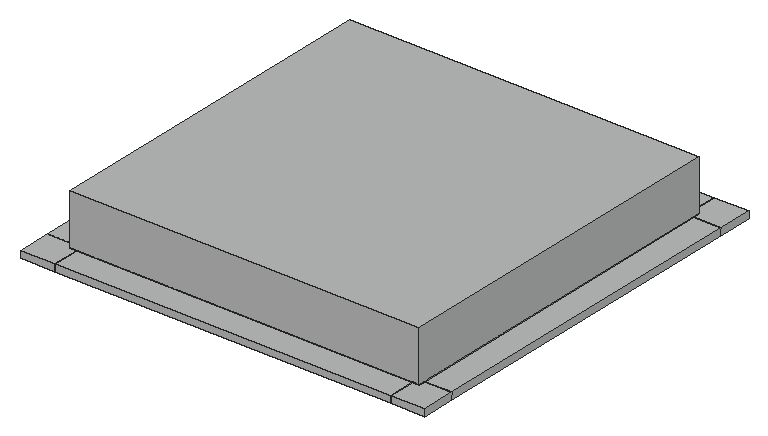
Revit family "ALUMOGIPS", category Осветительные приборы, Revit 2019 (continued)
Types (72, lengths in mm): name | Файл фотометрической сетки | built-in parameter 1150105 | Lumens | built-in parameter 1150106 | built-in parameter 1150142 | Wattage | Emit from Rectangle Width | Emit from Rectangle Length | Длина | Материал светильника | Ширина | ADSK_Ток | ADSK_Полная мощность | ADSK_Обозначение | ADSK_Номинальная мощность | ADSK_Наименование | ADSK_Масса | ADSK_Код изделия
  Alumogips-38/opal-sand 595х595 (IP40, 4000К, серый) | "Светильник ALUMOGIPS-38 OPAL-SAND-(595x595).IES" | 302.39 (stored number, unit not read) | 3800 lm | 3.0239 (stored number, unit not read) | "IESNA:LM-63-95\r\n[TEST] Протокол № 50-12 \r\n[DATA] 20.06.2016\r\n[MORE] \r\n[MANUFAC] ЗАО \"Центрстройсвет\"\r\n[LUMCAT]  Светильник ALUMOGIPS-38/OPAL-SAND-(595x595)\r\n[LUMINAIRE]\r\n[LAMPCAT] Светодиоды\r\n[LAMP] Поток источника света (светодиодов) не известен\r\n[MORE] КСС приведена в абсолютных величинах кд\r\n[MORE] Вместо потока лампы, указан поток светильника.\r\nTILT=NONE\r\n1    3750 1.0 37 73 1 2 0.595 0.595 0.04\r\n1.0 1.0 38.7\r\n0.0 5.0 10.0 15.0 20.0 25.0 30.0 35.0 40.0 45.0 50.0 55.0 60.0 65.0 70.0 75.0 80.0 85.0 90.0 95.0 100.0 105.0 110.0 115.0 120.0 125.0 130.0 135.0 140.0 145.0 150.0 155.0 160.0 165.0 170.0 175.0 180.0\r\n0.0 5.0 10.0 15.0 20.0 25.0 30.0 35.0 40.0 45.0 50.0 55.0 60.0 65.0 70.0 75.0 80.0 85.0 90.0 95.0 100.0 105.0 110.0 115.0 120.0 125.0 130.0 135.0 140.0 145.0 150.0 155.0 160.0 165.0 170.0 175.0 180.0 185.0 190.0 195.0 200.0 205.0 210.0 215.0 220.0 225.0 230.0 235.0 240.0 245.0 250.0 255.0 260.0 265.0 270.0 275.0 280.0 285.0 290.0 295.0 300.0 305.0 310.0 315.0 320.0 325.0 330.0 335.0 340.0 345.0 350.0 355.0 360.0\r\n1391.4 1390.6 1365.7 1330.6 1277.5 1214.9 1147.5 1059.6 967.6 873.2 772.4 664.9 556.3 449.1 342.7 240.6 147.1 64.2 4.7 0.0 0.0 0.0 0.0 0.0 0.0 0.0 0.0 0.0 0.0 0.0 0.0 0.0 0.0 0.0 0.0 0.0 0.0\r\n1391.4 1390.5 1367.8 1332.7 1284.3 1221.3 1147.0 1062.1 969.2 872.4 773.2 666.3 557.1 450.1 343.8 241.9 146.9 64.7 5.2 0.0 0.0 0.0 0.0 0.0 0.0 0.0 0.0 0.0 0.0 0.0 0.0 0.0 0.0 0.0 0.0 0.0 0.0\r\n1391.4 1390.2 1372.0 1333.3 1277.3 1216.8 1144.5 1057.4 969.6 875.1 773.8 669.5 560.0 454.6 345.8 242.4 148.5 65.8 5.4 0.0 0.0 0.0 0.0 0.0 0.0 0.0 0.0 0.0 0.0 0.0 0.0 0.0 0.0 0.0 0.0 0.0 0.0\r\n1391.4 1389.8 1371.2 1330.7 1279.5 1220.5 1148.3 1059.9 967.7 873.2 767.5 666.8 561.4 453.0 347.1 243.7 149.9 65.6 5.8 0.0 0.0 0.0 0.0 0.0 0.0 0.0 0.0 0.0 0.0 0.0 0.0 0.0 0.0 0.0 0.0 0.0 0.0\r\n1391.4 1389.8 1368.3 1329.3 1285.0 1214.6 1141.1 1058.7 971.8 871.3 775.2 666.9 559.4 452.6 345.8 242.5 150.0 65.8 6.1 0.0 0.0 0.0 0.0 0.0 0.0 0.0 0.0 0.0 0.0 0.0 0.0 0.0 0.0 0.0 0.0 0.0 0.0\r\n1391.4 1390.5 1367.3 1332.3 1281.7 1219.0 1142.8 1064.6 970.5 874.4 772.1 667.5 560.2 453.0 346.2 241.8 149.4 65.7 5.6 0.0 0.0 0.0 0.0 0.0 0.0 0.0 0.0 0.0 0.0 0.0 0.0 0.0 0.0 0.0 0.0 0.0 0.0\r\n1391.4 1391.4 1368.1 1333.5 1277.3 1215.7 1139.0 1059.6 968.1 872.4 771.6 667.4 558.8 453.3 344.3 243.9 148.4 65.7 5.4 0.0 0.0 0.0 0.0 0.0 0.0 0.0 0.0 0.0 0.0 0.0 0.0 0.0 0.0 0.0 0.0 0.0 0.0\r\n1391.4 1391.7 1368.1 1330.4 1278.2 1213.9 1142.4 1061.6 967.4 875.1 772.0 669.3 561.1 452.5 345.2 242.1 148.3 65.4 5.5 0.0 0.0 0.0 0.0 0.0 0.0 0.0 0.0 0.0 0.0 0.0 0.0 0.0 0.0 0.0 0.0 0.0 0.0\r\n1391.4 1391.5 1371.0 1328.4 1278.5 1216.7 1142.1 1061.2 971.8 874.7 772.1 668.9 560.8 452.9 345.4 243.3 147.7 66.0 5.4 0.0 0.0 0.0 0.0 0.0 0.0 0.0 0.0 0.0 0.0 0.0 0.0 0.0 0.0 0.0 0.0 0.0 0.0\r\n1391.4 1391.5 1373.2 1330.5 1277.3 1215.5 1143.2 1063.6 967.0 872.7 772.2 669.4 558.9 453.2 346.6 241.9 148.1 65.2 5.5 0.0 0.0 0.0 0.0 0.0 0.0 0.0 0.0 0.0 0.0 0.0 0.0 0.0 0.0 0.0 0.0 0.0 0.0\r\n1391.4 1391.4 1369.7 1328.3 1281.3 1216.0 1139.8 1057.9 968.7 875.3 773.9 667.6 561.8 454.0 344.0 243.1 147.2 65.6 5.5 0.0 0.0 0.0 0.0 0.0 0.0 0.0 0.0 0.0 0.0 0.0 0.0 0.0 0.0 0.0 0.0 0.0 0.0\r\n1391.4 1390.5 1367.9 1330.1 1278.1 1218.1 1138.9 1061.0 970.0 871.8 770.4 669.3 560.2 453.4 346.9 242.1 148.3 65.2 5.2 0.0 0.0 0.0 0.0 0.0 0.0 0.0 0.0 0.0 0.0 0.0 0.0 0.0 0.0 0.0 0.0 0.0 0.0\r\n1391.4 1389.3 1368.2 1329.1 1280.8 1214.4 1142.5 1059.2 967.2 874.3 772.4 668.0 563.1 452.3 345.7 242.8 146.8 64.9 5.1 0.0 0.0 0.0 0.0 0.0 0.0 0.0 0.0 0.0 0.0 0.0 0.0 0.0 0.0 0.0 0.0 0.0 0.0\r\n1391.4 1388.6 1367.4 1327.8 1278.0 1215.7 1141.0 1061.0 971.5 877.3 771.2 667.3 561.5 453.0 346.4 242.4 146.3 64.8 5.2 0.0 0.0 0.0 0.0 0.0 0.0 0.0 0.0 0.0 0.0 0.0 0.0 0.0 0.0 0.0 0.0 0.0 0.0\r\n1391.4 1388.0 1367.6 1326.7 1278.3 1218.0 1140.9 1061.5 968.4 873.4 770.1 666.6 562.1 454.6 344.8 241.8 146.4 64.0 5.5 0.0 0.0 0.0 0.0 0.0 0.0 0.0 0.0 0.0 0.0 0.0 0.0 0.0 0.0 0.0 0.0 0.0 0.0\r\n1391.4 1387.2 1366.1 1331.0 1281.4 1216.3 1142.7 1059.1 969.4 871.5 772.2 667.3 560.5 453.0 344.4 242.2 146.4 63.8 5.6 0.0 0.0 0.0 0.0 0.0 0.0 0.0 0.0 0.0 0.0 0.0 0.0 0.0 0.0 0.0 0.0 0.0 0.0\r\n1391.4 1387.1 1366.3 1328.7 1276.9 1214.5 1141.2 1059.3 968.4 874.3 775.5 668.3 562.5 454.9 346.4 241.3 146.2 63.5 5.7 0.0 0.0 0.0 0.0 0.0 0.0 0.0 0.0 0.0 0.0 0.0 0.0 0.0 0.0 0.0 0.0 0.0 0.0\r\n1391.4 1388.4 1366.0 1329.7 1279.2 1217.9 1140.0 1060.5 969.0 873.9 772.0 671.3 560.4 453.2 343.7 241.7 145.8 63.7 5.4 0.0 0.0 0.0 0.0 0.0 0.0 0.0 0.0 0.0 0.0 0.0 0.0 0.0 0.0 0.0 0.0 0.0 0.0\r\n1391.4 1389.6 1367.7 1329.3 1277.2 1211.1 1140.1 1061.0 971.0 871.2 769.2 669.1 561.5 453.1 343.3 241.9 145.8 63.4 5.2 0.0 0.0 0.0 0.0 0.0 0.0 0.0 0.0 0.0 0.0 0.0 0.0 0.0 0.0 0.0 0.0 0.0 0.0\r\n1391.4 1388.8 1366.9 1327.1 1279.4 1214.2 1142.5 1056.4 970.7 870.3 771.0 665.1 560.4 453.3 343.8 241.1 145.7 63.4 5.2 0.0 0.0 0.0 0.0 0.0 0.0 0.0 0.0 0.0 0.0 0.0 0.0 0.0 0.0 0.0 0.0 0.0 0.0\r\n1391.4 1387.2 1365.8 1328.9 1276.6 1210.2 1141.4 1059.3 966.6 871.4 770.5 667.4 559.2 451.4 344.2 241.0 145.6 63.2 5.1 0.0 0.0 0.0 0.0 0.0 0.0 0.0 0.0 0.0 0.0 0.0 0.0 0.0 0.0 0.0 0.0 0.0 0.0\r\n1391.4 1386.8 1364.4 1329.8 1279.4 1213.7 1144.0 1059.0 965.3 873.7 768.8 668.9 559.4 449.5 342.6 241.5 144.6 63.4 5.0 0.0 0.0 0.0 0.0 0.0 0.0 0.0 0.0 0.0 0.0 0.0 0.0 0.0 0.0 0.0 0.0 0.0 0.0\r\n1391.4 1388.1 1365.8 1328.1 1273.8 1213.4 1137.9 1059.2 967.3 869.2 769.3 667.7 558.4 451.4 344.0 240.6 145.7 63.4 4.9 0.0 0.0 0.0 0.0 0.0 0.0 0.0 0.0 0.0 0.0 0.0 0.0 0.0 0.0 0.0 0.0 0.0 0.0\r\n1391.4 1389.2 1364.4 1323.2 1276.3 1213.8 1137.6 1055.3 963.1 871.0 767.7 664.1 559.7 447.1 342.4 240.1 145.2 63.9 5.1 0.0 0.0 0.0 0.0 0.0 0.0 0.0 0.0 0.0 0.0 0.0 0.0 0.0 0.0 0.0 0.0 0.0 0.0\r\n1391.4 1388.4 1362.3 1326.8 1274.4 1212.2 1137.9 1054.7 966.7 867.9 768.7 663.4 557.3 449.2 343.3 240.0 145.7 63.6 5.0 0.0 0.0 0.0 0.0 0.0 0.0 0.0 0.0 0.0 0.0 0.0 0.0 0.0 0.0 0.0 0.0 0.0 0.0\r\n1391.4 1386.2 1361.8 1326.5 1273.3 1211.2 1134.5 1048.6 964.3 866.3 767.8 662.9 556.7 449.5 341.9 239.8 145.7 63.7 5.0 0.0 0.0 0.0 0.0 0.0 0.0 0.0 0.0 0.0 0.0 0.0 0.0 0.0 0.0 0.0 0.0 0.0 0.0\r\n1391.4 1384.4 1363.5 1324.4 1272.0 1209.5 1137.2 1053.0 960.2 867.5 767.9 662.7 556.7 449.2 342.5 239.1 146.2 63.8 4.8 0.0 0.0 0.0 0.0 0.0 0.0 0.0 0.0 0.0 0.0 0.0 0.0 0.0 0.0 0.0 0.0 0.0 0.0\r\n1391.4 1383.7 1362.4 1324.4 1274.0 1209.5 1134.4 1050.1 965.4 864.9 764.6 662.3 556.6 447.9 340.5 240.3 145.5 64.6 4.6 0.0 0.0 0.0 0.0 0.0 0.0 0.0 0.0 0.0 0.0 0.0 0.0 0.0 0.0 0.0 0.0 0.0 0.0\r\n1391.4 1384.4 1361.9 1326.9 1270.2 1207.3 1132.7 1050.1 959.7 867.7 763.1 662.2 555.0 447.3 343.0 238.3 145.8 63.9 4.7 0.0 0.0 0.0 0.0 0.0 0.0 0.0 0.0 0.0 0.0 0.0 0.0 0.0 0.0 0.0 0.0 0.0 0.0\r\n1391.4 1385.1 1363.0 1320.0 1270.4 1207.9 1134.4 1055.0 963.5 867.3 766.7 660.7 555.9 450.1 342.6 240.2 145.9 64.3 4.9 0.0 0.0 0.0 0.0 0.0 0.0 0.0 0.0 0.0 0.0 0.0 0.0 0.0 0.0 0.0 0.0 0.0 0.0\r\n1391.4 1384.9 1362.3 1321.4 1273.1 1208.0 1135.4 1052.3 961.9 865.0 764.0 660.8 553.5 447.6 341.2 240.3 146.1 63.8 4.8 0.0 0.0 0.0 0.0 0.0 0.0 0.0 0.0 0.0 0.0 0.0 0.0 0.0 0.0 0.0 0.0 0.0 0.0\r\n1391.4 1383.8 1361.2 1322.1 1265.1 1211.5 1132.8 1049.3 961.3 863.4 764.0 661.0 550.7 447.9 341.0 240.1 146.2 63.8 4.6 0.0 0.0 0.0 0.0 0.0 0.0 0.0 0.0 0.0 0.0 0.0 0.0 0.0 0.0 0.0 0.0 0.0 0.0\r\n1391.4 1382.8 1359.3 1321.5 1269.3 1206.8 1132.8 1051.1 958.3 863.2 763.1 662.7 553.4 448.0 340.4 240.0 145.8 63.8 4.0 0.0 0.0 0.0 0.0 0.0 0.0 0.0 0.0 0.0 0.0 0.0 0.0 0.0 0.0 0.0 0.0 0.0 0.0\r\n1391.4 1382.6 1359.0 1319.6 1268.1 1204.3 1129.8 1049.0 957.7 861.8 761.7 658.4 554.2 446.1 340.4 239.0 145.6 63.8 3.8 0.0 0.0 0.0 0.0 0.0 0.0 0.0 0.0 0.0 0.0 0.0 0.0 0.0 0.0 0.0 0.0 0.0 0.0\r\n1391.4 1382.8 1358.5 1315.8 1266.5 1202.1 1128.5 1049.2 957.6 860.0 762.1 658.2 549.9 443.8 339.6 238.4 145.7 63.6 3.7 0.0 0.0 0.0 0.0 0.0 0.0 0.0 0.0 0.0 0.0 0.0 0.0 0.0 0.0 0.0 0.0 0.0 0.0\r\n1391.4 1382.2 1360.5 1319.2 1265.9 1204.5 1129.9 1046.9 955.0 862.9 758.9 657.9 552.5 444.9 338.9 238.8 145.3 63.6 3.3 0.0 0.0 0.0 0.0 0.0 0.0 0.0 0.0 0.0 0.0 0.0 0.0 0.0 0.0 0.0 0.0 0.0 0.0\r\n1391.4 1381.1 1361.2 1321.0 1268.1 1203.8 1128.8 1047.4 955.6 863.7 761.1 656.4 551.5 445.2 339.2 238.5 144.7 62.5 3.5 0.0 0.0 0.0 0.0 0.0 0.0 0.0 0.0 0.0 0.0 0.0 0.0 0.0 0.0 0.0 0.0 0.0 0.0\r\n1391.4 1380.6 1359.0 1316.4 1268.5 1204.0 1126.1 1049.5 956.2 859.6 759.7 656.5 549.2 444.3 338.4 236.1 143.8 61.6 3.2 0.0 0.0 0.0 0.0 0.0 0.0 0.0 0.0 0.0 0.0 0.0 0.0 0.0 0.0 0.0 0.0 0.0 0.0\r\n1391.4 1380.7 1356.6 1316.0 1267.0 1205.6 1130.3 1044.8 956.9 856.7 759.3 653.5 548.1 441.9 335.3 235.4 141.4 60.3 2.9 0.0 0.0 0.0 0.0 0.0 0.0 0.0 0.0 0.0 0.0 0.0 0.0 0.0 0.0 0.0 0.0 0.0 0.0\r\n1391.4 1380.4 1354.4 1317.9 1268.8 1199.0 1129.0 1044.0 956.9 860.6 758.3 656.9 549.1 442.0 334.4 236.1 141.7 60.5 2.6 0.0 0.0 0.0 0.0 0.0 0.0 0.0 0.0 0.0 0.0 0.0 0.0 0.0 0.0 0.0 0.0 0.0 0.0\r\n1391.4 1380.1 1356.7 1322.1 1264.6 1201.7 1129.9 1047.4 957.2 859.7 758.2 656.1 549.4 442.8 335.3 235.8 141.3 60.6 2.3 0.0 0.0 0.0 0.0 0.0 0.0 0.0 0.0 0.0 0.0 0.0 0.0 0.0 0.0 0.0 0.0 0.0 0.0\r\n1391.4 1379.9 1357.3 1317.5 1265.9 1207.8 1129.2 1046.5 955.7 860.2 758.6 656.9 550.7 441.9 335.4 233.9 140.6 60.2 2.4 0.0 0.0 0.0 0.0 0.0 0.0 0.0 0.0 0.0 0.0 0.0 0.0 0.0 0.0 0.0 0.0 0.0 0.0\r\n1391.4 1379.2 1355.5 1314.6 1269.3 1203.7 1133.5 1044.8 957.2 857.9 762.0 656.6 548.7 440.4 335.9 234.5 140.4 59.8 2.8 0.0 0.0 0.0 0.0 0.0 0.0 0.0 0.0 0.0 0.0 0.0 0.0 0.0 0.0 0.0 0.0 0.0 0.0\r\n1391.4 1377.9 1357.1 1319.2 1271.9 1204.4 1128.6 1050.2 953.1 856.9 757.6 653.7 548.9 439.9 335.4 232.4 140.5 59.2 3.0 0.0 0.0 0.0 0.0 0.0 0.0 0.0 0.0 0.0 0.0 0.0 0.0 0.0 0.0 0.0 0.0 0.0 0.0\r\n1391.4 1377.2 1356.3 1322.9 1266.0 1204.8 1132.2 1049.0 958.1 859.3 759.0 654.6 547.0 441.6 334.9 232.1 139.3 58.8 2.9 0.0 0.0 0.0 0.0 0.0 0.0 0.0 0.0 0.0 0.0 0.0 0.0 0.0 0.0 0.0 0.0 0.0 0.0\r\n1391.4 1377.8 1353.8 1319.7 1269.6 1207.9 1135.8 1049.5 955.8 858.0 762.4 655.9 548.2 441.6 335.6 231.7 139.4 58.8 2.8 0.0 0.0 0.0 0.0 0.0 0.0 0.0 0.0 0.0 0.0 0.0 0.0 0.0 0.0 0.0 0.0 0.0 0.0\r\n1391.4 1378.5 1355.2 1319.8 1267.3 1206.5 1131.2 1046.1 954.6 861.2 756.6 653.8 548.1 440.3 335.0 232.6 138.6 59.0 2.9 0.0 0.0 0.0 0.0 0.0 0.0 0.0 0.0 0.0 0.0 0.0 0.0 0.0 0.0 0.0 0.0 0.0 0.0\r\n1391.4 1378.6 1355.1 1318.3 1269.7 1200.8 1133.1 1049.0 957.6 862.5 762.4 656.9 549.3 443.5 334.7 231.2 138.8 58.1 3.0 0.0 0.0 0.0 0.0 0.0 0.0 0.0 0.0 0.0 0.0 0.0 0.0 0.0 0.0 0.0 0.0 0.0 0.0\r\n1391.4 1378.8 1355.8 1321.7 1268.8 1210.0 1129.0 1048.5 958.8 862.4 762.2 656.4 549.0 441.1 335.4 231.5 138.5 58.1 3.0 0.0 0.0 0.0 0.0 0.0 0.0 0.0 0.0 0.0 0.0 0.0 0.0 0.0 0.0 0.0 0.0 0.0 0.0\r\n1391.4 1379.6 1357.6 1321.7 1269.0 1207.1 1133.9 1047.0 964.1 863.3 761.9 656.4 551.5 440.7 334.9 232.2 137.6 58.1 2.8 0.0 0.0 0.0 0.0 0.0 0.0 0.0 0.0 0.0 0.0 0.0 0.0 0.0 0.0 0.0 0.0 0.0 0.0\r\n1391.4 1380.6 1357.7 1319.2 1272.0 1207.5 1131.3 1054.6 959.0 863.3 764.8 655.9 549.1 443.0 335.1 231.3 138.0 58.1 2.7 0.0 0.0 0.0 0.0 0.0 0.0 0.0 0.0 0.0 0.0 0.0 0.0 0.0 0.0 0.0 0.0 0.0 0.0\r\n1391.4 1381.5 1358.5 1321.9 1271.0 1204.1 1135.9 1055.8 962.5 865.5 761.1 656.9 550.6 442.0 335.3 231.9 137.4 57.9 2.6 0.0 0.0 0.0 0.0 0.0 0.0 0.0 0.0 0.0 0.0 0.0 0.0 0.0 0.0 0.0 0.0 0.0 0.0\r\n1391.4 1381.3 1358.5 1322.3 1270.8 1207.2 1133.7 1051.9 958.0 867.3 767.5 657.0 552.1 442.3 333.6 231.2 137.9 57.8 2.6 0.0 0.0 0.0 0.0 0.0 0.0 0.0 0.0 0.0 0.0 0.0 0.0 0.0 0.0 0.0 0.0 0.0 0.0\r\n1391.4 1380.6 1359.4 1319.7 1270.6 1209.0 1133.0 1052.1 963.9 867.5 764.1 660.0 554.0 443.3 334.8 231.7 137.6 57.8 2.7 0.0 0.0 0.0 0.0 0.0 0.0 0.0 0.0 0.0 0.0 0.0 0.0 0.0 0.0 0.0 0.0 0.0 0.0\r\n1391.4 1381.3 1359.9 1321.3 1270.6 1204.8 1135.0 1051.3 962.1 865.5 761.7 660.3 553.1 443.5 334.1 231.9 137.9 57.8 2.8 0.0 0.0 0.0 0.0 0.0 0.0 0.0 0.0 0.0 0.0 0.0 0.0 0.0 0.0 0.0 0.0 0.0 0.0\r\n1391.4 1383.1 1362.1 1324.8 1273.8 1208.7 1134.8 1055.9 961.8 866.4 762.3 659.7 552.4 443.7 334.4 232.8 138.0 58.0 2.8 0.0 0.0 0.0 0.0 0.0 0.0 0.0 0.0 0.0 0.0 0.0 0.0 0.0 0.0 0.0 0.0 0.0 0.0\r\n1391.4 1384.6 1360.4 1321.7 1272.0 1210.6 1130.9 1052.5 963.1 866.7 767.4 659.3 553.7 444.6 335.4 233.1 138.3 58.0 2.8 0.0 0.0 0.0 0.0 0.0 0.0 0.0 0.0 0.0 0.0 0.0 0.0 0.0 0.0 0.0 0.0 0.0 0.0\r\n1391.4 1385.6 1357.5 1324.7 1273.9 1211.6 1134.3 1052.7 963.6 865.4 763.1 658.7 552.2 444.9 336.9 232.8 138.8 58.6 2.9 0.0 0.0 0.0 0.0 0.0 0.0 0.0 0.0 0.0 0.0 0.0 0.0 0.0 0.0 0.0 0.0 0.0 0.0\r\n1391.4 1386.4 1357.8 1323.4 1273.2 1212.2 1136.3 1054.7 967.5 867.5 764.0 659.4 553.3 443.7 336.8 233.2 138.9 58.5 3.1 0.0 0.0 0.0 0.0 0.0 0.0 0.0 0.0 0.0 0.0 0.0 0.0 0.0 0.0 0.0 0.0 0.0 0.0\r\n1391.4 1386.6 1362.0 1324.9 1273.2 1211.3 1139.0 1049.9 960.3 866.4 768.0 661.3 552.2 443.4 336.3 233.4 139.8 58.9 3.1 0.0 0.0 0.0 0.0 0.0 0.0 0.0 0.0 0.0 0.0 0.0 0.0 0.0 0.0 0.0 0.0 0.0 0.0\r\n1391.4 1386.0 1360.5 1326.0 1271.8 1212.0 1137.2 1059.3 963.5 867.6 766.9 661.2 552.3 445.8 337.8 233.6 141.0 59.2 3.3 0.0 0.0 0.0 0.0 0.0 0.0 0.0 0.0 0.0 0.0 0.0 0.0 0.0 0.0 0.0 0.0 0.0 0.0\r\n1391.4 1385.0 1362.3 1325.1 1272.0 1207.1 1138.5 1053.6 964.5 865.8 766.5 661.6 554.3 445.9 337.0 234.5 140.4 60.2 3.5 0.0 0.0 0.0 0.0 0.0 0.0 0.0 0.0 0.0 0.0 0.0 0.0 0.0 0.0 0.0 0.0 0.0 0.0\r\n1391.4 1384.4 1361.8 1323.6 1274.0 1214.8 1138.9 1053.9 968.0 867.9 769.0 663.8 555.6 446.7 339.6 235.0 141.3 60.4 3.4 0.0 0.0 0.0 0.0 0.0 0.0 0.0 0.0 0.0 0.0 0.0 0.0 0.0 0.0 0.0 0.0 0.0 0.0\r\n1391.4 1385.0 1360.9 1322.2 1272.4 1209.8 1137.2 1055.7 962.7 869.7 769.6 658.2 556.6 447.4 338.5 236.2 142.5 60.7 3.4 0.0 0.0 0.0 0.0 0.0 0.0 0.0 0.0 0.0 0.0 0.0 0.0 0.0 0.0 0.0 0.0 0.0 0.0\r\n1391.4 1386.6 1363.1 1323.6 1272.5 1211.5 1139.2 1058.4 969.9 868.0 768.8 664.6 556.3 445.8 342.1 236.1 142.3 61.2 3.5 0.0 0.0 0.0 0.0 0.0 0.0 0.0 0.0 0.0 0.0 0.0 0.0 0.0 0.0 0.0 0.0 0.0 0.0\r\n1391.4 1388.6 1360.9 1330.2 1273.7 1213.2 1138.7 1058.3 966.2 867.0 766.8 663.4 553.3 447.1 339.2 238.7 143.0 61.4 3.8 0.0 0.0 0.0 0.0 0.0 0.0 0.0 0.0 0.0 0.0 0.0 0.0 0.0 0.0 0.0 0.0 0.0 0.0\r\n1391.4 1389.8 1360.8 1328.4 1276.8 1216.0 1140.1 1055.8 963.1 870.3 768.4 663.1 554.0 449.1 340.1 237.3 144.8 61.7 3.8 0.0 0.0 0.0 0.0 0.0 0.0 0.0 0.0 0.0 0.0 0.0 0.0 0.0 0.0 0.0 0.0 0.0 0.0\r\n1391.4 1389.3 1362.5 1325.9 1278.0 1210.4 1138.2 1054.7 967.8 872.7 770.2 661.9 556.5 446.9 341.3 237.7 144.4 62.5 3.9 0.0 0.0 0.0 0.0 0.0 0.0 0.0 0.0 0.0 0.0 0.0 0.0 0.0 0.0 0.0 0.0 0.0 0.0\r\n1391.4 1387.8 1365.8 1326.6 1274.3 1213.2 1141.4 1053.1 966.2 871.2 768.4 663.7 555.0 447.1 341.3 238.2 144.3 62.7 4.1 0.0 0.0 0.0 0.0 0.0 0.0 0.0 0.0 0.0 0.0 0.0 0.0 0.0 0.0 0.0 0.0 0.0 0.0\r\n1391.4 1387.2 1364.2 1328.3 1274.8 1209.4 1145.0 1060.0 963.9 867.5 766.5 663.4 556.7 448.2 340.9 240.3 144.7 63.3 4.0 0.0 0.0 0.0 0.0 0.0 0.0 0.0 0.0 0.0 0.0 0.0 0.0 0.0 0.0 0.0 0.0 0.0 0.0\r\n1391.4 1388.4 1364.9 1332.6 1279.0 1215.6 1140.9 1056.3 969.3 867.1 770.0 663.8 559.0 449.0 342.4 240.3 145.7 63.3 4.7 0.0 0.0 0.0 0.0 0.0 0.0 0.0 0.0 0.0 0.0 0.0 0.0 0.0 0.0 0.0 0.0 0.0 0.0\r\n1391.4 1390.0 1364.5 1329.3 1281.4 1217.7 1141.3 1063.3 970.3 871.1 768.8 663.5 555.2 449.3 342.4 239.8 146.6 63.3 4.9 0.0 0.0 0.0 0.0 0.0 0.0 0.0 0.0 0.0 0.0 0.0 0.0 0.0 0.0 0.0 0.0 0.0 0.0\r\n1391.4 1390.6 1365.7 1330.6 1277.5 1214.9 1147.5 1059.6 967.6 873.2 772.4 664.9 556.3 449.1 342.7 240.6 147.1 64.2 4.7 0.0 0.0 0.0 0.0 0.0 0.0 0.0 0.0 0.0 0.0 0.0 0.0 0.0 0.0 0.0 0.0 0.0 0.0\r\n" | 25.582 W | 575 | 575 | 595 | RAL 9006 | 595 | 0.179584 A | 41.3043 VA | "Alumogips-38/opal-sand 595х595 (IP40, 4000К, серый)" | 38 W | "Встраиваемый светодиодный светильник Alumogips-38/opal-sand 595х595 (IP40, 4000К, серый)" | 2.4 | "ЦБ000006722"
